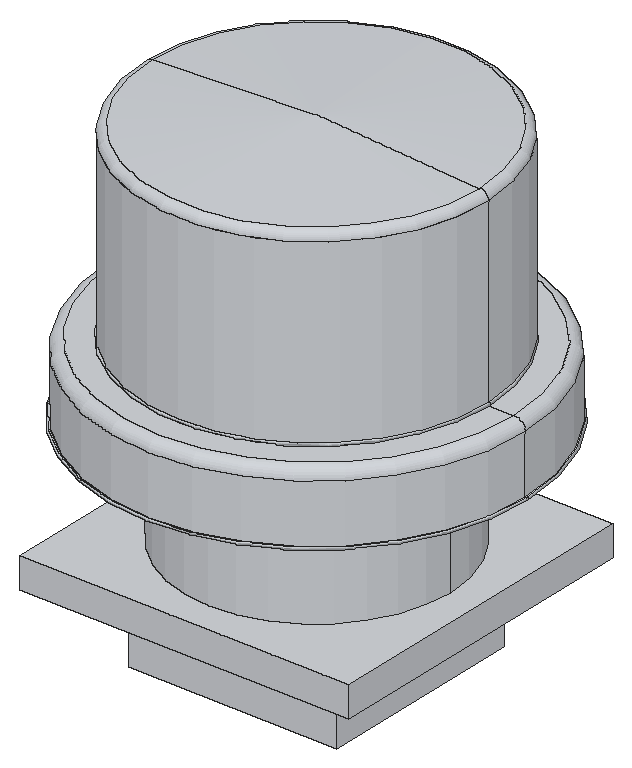
Revit family "EF-4", category Mechanical Equipment, host Face, Revit 2025
Family settings
  Host = Face
  Round Connector Dimension = Use Diameter
  Classification = None
  Part Type = Normal
  Cut with Voids When Loaded = No
  Maintain Annotation Orientation = No
  Shared = No
  Room Calculation Point = No
Parameters (values of type "G-099-VG4X-QD")
  X = 19"
  URL = "file:///C:/Users/User/Downloads/GreenheckShop_ProductCutSheet_G-099-4VG119XQD_20250812080105.pdf"
  Model = "G-099-VG4X-QD"
  Manufacturer = "GREENHECK"
  Default Elevation = 48"
  D = 12"
Reference planes (in)
  plane 1 "Center (Front/Back)": y = 0
  plane 2: z = 0
  plane 3 "Center (Left/Right)": x = 0
Forms (in)
  Revolve 1, solid
    sketch origin (0, 0, 0) x (1, 0, 0) y (0, 0, 1)
      loop
        line (0, 1.75) -> (7.75, 1.75) -> (7.75, 8.06963) -> (12.15231, 8.06963)
        arc (12.15231, 8.06963) -> (12.21484, 8.13467) -> (12.15063, 8.19805) r 0.06422
        line (12.15063, 8.19805) -> (12.0625, 8.19805) -> (12.0625, 11.54996)
        arc (12.0625, 11.54996) -> (11.87594, 12.00037) -> (11.42553, 12.18694) r 0.63697
        line (11.42553, 12.18694) -> (9.9375, 12.18694)
        arc (9.9375, 12.18694) -> (10.02092, 12.27036) -> (9.9375, 12.35378) r 0.08342
        line (9.9375, 12.35378) -> (9.9375, 22.75472)
        arc (9.9375, 22.75472) -> (9.80019, 23.09889) -> (9.46367, 23.25403) r 0.5
        line (9.46367, 23.25403) -> (0, 23.75) -> (0, 1.75)
      axis (0, 23.75) -> (0, 1.75)
    angle from 0 to 360
  Extrusion 2, solid
    sketch origin (0, 0, 0) x (1, 0, 0) y (0, 1, 0)
      loop
        line (-9.5, 9.5) -> (-9.5, -9.5) -> (9.5, -9.5) -> (9.5, 9.5) -> (-9.5, 9.5)
    from 0 to 1.75
  Extrusion 3, solid
    sketch origin (0, 0, 0) x (1, 0, 0) y (0, 1, 0)
      loop
        line (-6, 6) -> (-6, -6) -> (6, -6) -> (6, 6) -> (-6, 6)
    from 0 to -4.29952
Dimensions and locks (in)
  equal spacing: Extrusion 2 sketch curve, plane 3 "Center (Left/Right)", Extrusion 2 sketch curve
  equal spacing: Extrusion 2 sketch curve, plane 1 "Center (Front/Back)", Extrusion 2 sketch curve
  "X": Extrusion 2 sketch curve to Extrusion 2 sketch curve  (x2)
  equal spacing: Extrusion 3 sketch curve, plane 3 "Center (Left/Right)", Extrusion 3 sketch curve
  equal spacing: Extrusion 3 sketch curve, plane 1 "Center (Front/Back)", Extrusion 3 sketch curve
  Extrusion 3 sketch curve to Extrusion 2 = 3 1/2"  (x2)
  "D": Extrusion 3 sketch curve to Extrusion 3 sketch curve  (x2)
  aligned and locked: plane 2 to host face
  aligned and locked: level to host face
Automatic sketch dimensions
  host sketch curve to host sketch curve = 96"  (x2)
  Revolve 1 sketch curve to plane 3 "Center (Left/Right)" = 0"  (x2)
  level to Revolve 1 sketch curve = 1 3/4"
  plane 3 "Center (Left/Right)" to Revolve 1 sketch curve = 7 3/4"
  plane 3 "Center (Left/Right)" to Revolve 1 sketch curve = 9 7/16"
  Revolve 1 sketch curve to Revolve 1 sketch curve = 0.02617"
  Revolve 1 sketch curve to Revolve 1 sketch curve = 1/2"
  Revolve 1 sketch curve to Revolve 1 sketch curve = 1.48803"
  Revolve 1 sketch curve to Revolve 1 sketch curve = 0.63697"
  Revolve 1 sketch curve to Revolve 1 sketch curve = 0.08813"
  Revolve 1 sketch curve to Revolve 1 sketch curve = 0.00168"
  Revolve 1 sketch curve to Revolve 1 sketch curve = 6.31963"
  Revolve 1 sketch curve to Revolve 1 sketch curve = 0.0642"
  Revolve 1 sketch curve to Revolve 1 sketch curve = 3.35191"
  Revolve 1 sketch curve to Revolve 1 sketch curve = 0.08342"
  Revolve 1 sketch curve to Revolve 1 sketch curve = 10.40094"
  Revolve 1 sketch curve to Revolve 1 sketch curve = 0.49597"
  Revolve 1 sketch curve to Revolve 1 sketch curve = 2.06963"
  Revolve 1 sketch curve to Revolve 1 sketch curve = 1 3/4"
Connectors (in)
  hvac at (0, 0, -4.29952), driven by "D", driven by "D"
    settings: on Extrusion 3, index 1, duct flow 0 CFM, flow factor 0, pres drop 0.00 in-wg, loss coef 0, conn angle 0.00°, conn width 12", conn height 12", conn diameter 24", duct sys type 1, conn prof type 1, flow config 0, flow direction 0, loss method 0, conn ref index -1, conn util no, is conn primary yes, conn desc ""
